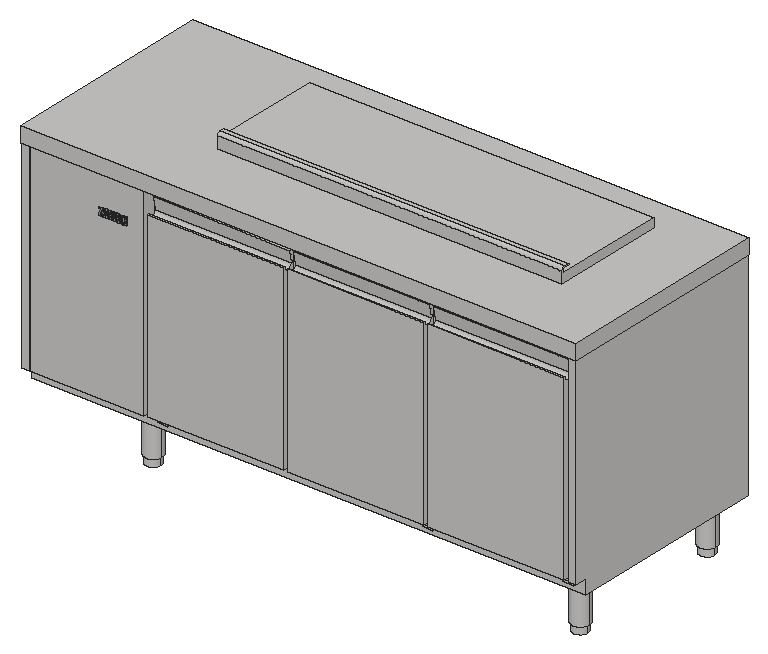
Revit family "QF_ZANUSSI_111051_ZH3HSAAA", category Specialty Equipment, Revit 2018 (continued)
Definition of nested family "ZAN_Cooling Unit"
  Lines and regions (mm)
    Split face 130
      outline origin (110.032, 2, -113.091) x (0, 0, 1) y (-1, 0, 0)
        loop
          arc (502.647, 116.535) -> (506.648, 112.533) -> (510.649, 116.535) r 4.001
          line (510.649, 116.535) -> (510.649, 158.547)
    Split face 131
      outline origin (110.032, 2, -125.094) x (0, 0, 1) y (-1, 0, 0)
        loop
          arc (510.649, 158.547) -> (506.648, 162.548) -> (502.647, 158.547) r 4.001
          line (502.647, 158.547) -> (502.647, 116.535)
          arc (502.647, 116.535) -> (506.648, 112.533) -> (510.649, 116.535) r 4.001
          line (510.649, 116.535) -> (510.649, 158.547)
    Split face 132
      outline origin (110.032, 2, -137.098) x (0, 0, 1) y (-1, 0, 0)
        loop
          arc (510.649, 158.547) -> (506.648, 162.548) -> (502.647, 158.547) r 4.001
          line (502.647, 158.547) -> (502.647, 116.535)
          arc (502.647, 116.535) -> (506.648, 112.533) -> (510.649, 116.535) r 4.001
          line (510.649, 116.535) -> (510.649, 158.547)
    Split face 133
      outline origin (110.032, 2, -149.101) x (0, 0, 1) y (-1, 0, 0)
        loop
          arc (510.649, 158.547) -> (506.648, 162.548) -> (502.647, 158.547) r 4.001
          line (502.647, 158.547) -> (502.647, 116.535)
          arc (502.647, 116.535) -> (506.648, 112.533) -> (510.649, 116.535) r 4.001
          line (510.649, 116.535) -> (510.649, 158.547)
    Split face 134
      outline origin (110.032, 2, -161.105) x (0, 0, 1) y (-1, 0, 0)
        loop
          arc (510.649, 158.547) -> (506.648, 162.548) -> (502.647, 158.547) r 4.001
          line (502.647, 158.547) -> (502.647, 116.535)
          arc (502.647, 116.535) -> (506.648, 112.533) -> (510.649, 116.535) r 4.001
          line (510.649, 116.535) -> (510.649, 158.547)
    Split face 135
      outline origin (110.032, 2, -173.108) x (0, 0, 1) y (-1, 0, 0)
        loop
          arc (510.649, 158.547) -> (506.648, 162.548) -> (502.647, 158.547) r 4.001
          line (502.647, 158.547) -> (502.647, 116.535)
          arc (502.647, 116.535) -> (506.648, 112.533) -> (510.649, 116.535) r 4.001
          line (510.649, 116.535) -> (510.649, 158.547)
    Split face 136
      outline origin (110.032, 2, -185.112) x (0, 0, 1) y (-1, 0, 0)
        loop
          arc (510.649, 158.547) -> (506.648, 162.548) -> (502.647, 158.547) r 4.001
          line (502.647, 158.547) -> (502.647, 116.535)
          arc (502.647, 116.535) -> (506.648, 112.533) -> (510.649, 116.535) r 4.001
          line (510.649, 116.535) -> (510.649, 158.547)
    Split face 137
      outline origin (110.032, 2, -197.115) x (0, 0, 1) y (-1, 0, 0)
        loop
          arc (510.649, 158.547) -> (506.648, 162.548) -> (502.647, 158.547) r 4.001
          line (502.647, 158.547) -> (502.647, 116.535)
          arc (502.647, 116.535) -> (506.648, 112.533) -> (510.649, 116.535) r 4.001
          line (510.649, 116.535) -> (510.649, 158.547)
    Split face 138
      outline origin (110.032, 2, -209.119) x (0, 0, 1) y (-1, 0, 0)
        loop
          arc (510.649, 158.547) -> (506.648, 162.548) -> (502.647, 158.547) r 4.001
          line (502.647, 158.547) -> (502.647, 116.535)
          arc (502.647, 116.535) -> (506.648, 112.533) -> (510.649, 116.535) r 4.001
          line (510.649, 116.535) -> (510.649, 158.547)
    Split face 139
      outline origin (110.032, 2, -221.122) x (0, 0, 1) y (-1, 0, 0)
        loop
          arc (510.649, 158.547) -> (506.648, 162.548) -> (502.647, 158.547) r 4.001
          line (502.647, 158.547) -> (502.647, 116.535)
          arc (502.647, 116.535) -> (506.648, 112.533) -> (510.649, 116.535) r 4.001
          line (510.649, 116.535) -> (510.649, 158.547)
    Split face 140
      outline origin (110.032, 2, -233.126) x (0, 0, 1) y (-1, 0, 0)
        loop
          arc (510.649, 158.547) -> (506.648, 162.548) -> (502.647, 158.547) r 4.001
          line (502.647, 158.547) -> (502.647, 116.535)
          arc (502.647, 116.535) -> (506.648, 112.533) -> (510.649, 116.535) r 4.001
          line (510.649, 116.535) -> (510.649, 158.547)
    Split face 141
      outline origin (110.032, 2, -245.129) x (0, 0, 1) y (-1, 0, 0)
        loop
          arc (510.649, 158.547) -> (506.648, 162.548) -> (502.647, 158.547) r 4.001
          line (502.647, 158.547) -> (502.647, 116.535)
          arc (502.647, 116.535) -> (506.648, 112.533) -> (510.649, 116.535) r 4.001
          line (510.649, 116.535) -> (510.649, 158.547)
    Split face 142
      outline origin (110.032, 2, -257.133) x (0, 0, 1) y (-1, 0, 0)
        loop
          arc (510.649, 158.547) -> (506.648, 162.548) -> (502.647, 158.547) r 4.001
          line (502.647, 158.547) -> (502.647, 116.535)
          arc (502.647, 116.535) -> (506.648, 112.533) -> (510.649, 116.535) r 4.001
          line (510.649, 116.535) -> (510.649, 158.547)
    Split face 143
      outline origin (110.032, 2, -269.136) x (0, 0, 1) y (-1, 0, 0)
        loop
          arc (510.649, 158.547) -> (506.648, 162.548) -> (502.647, 158.547) r 4.001
          line (502.647, 158.547) -> (502.647, 116.535)
          arc (502.647, 116.535) -> (506.648, 112.533) -> (510.649, 116.535) r 4.001
          line (510.649, 116.535) -> (510.649, 158.547)
    Split face 144
      outline origin (110.032, 2, -281.14) x (0, 0, 1) y (-1, 0, 0)
        loop
          arc (510.649, 158.547) -> (506.648, 162.548) -> (502.647, 158.547) r 4.001
          line (502.647, 158.547) -> (502.647, 116.535)
          arc (502.647, 116.535) -> (506.648, 112.533) -> (510.649, 116.535) r 4.001
          line (510.649, 116.535) -> (510.649, 158.547)
    Split face 145
      outline origin (110.032, 2, -293.144) x (0, 0, 1) y (-1, 0, 0)
        loop
          arc (510.649, 158.547) -> (506.648, 162.548) -> (502.647, 158.547) r 4.001
          line (502.647, 158.547) -> (502.647, 116.535)
          arc (502.647, 116.535) -> (506.648, 112.533) -> (510.649, 116.535) r 4.001
          line (510.649, 116.535) -> (510.649, 158.547)
    Split face 146
      outline origin (165.048, 2, -113.091) x (0, 0, 1) y (-1, 0, 0)
        loop
          arc (510.649, 158.547) -> (506.648, 162.548) -> (502.647, 158.547) r 4.001
          line (502.647, 158.547) -> (502.647, 116.535)
          arc (502.647, 116.535) -> (506.648, 112.533) -> (510.649, 116.535) r 4.001
          line (510.649, 116.535) -> (510.649, 158.547)
    Split face 147
      outline origin (165.048, 2, -125.094) x (0, 0, 1) y (-1, 0, 0)
        loop
          arc (510.649, 158.547) -> (506.648, 162.548) -> (502.647, 158.547) r 4.001
          line (502.647, 158.547) -> (502.647, 116.535)
          arc (502.647, 116.535) -> (506.648, 112.533) -> (510.649, 116.535) r 4.001
          line (510.649, 116.535) -> (510.649, 158.547)
    Split face 148
      outline origin (165.048, 2, -137.098) x (0, 0, 1) y (-1, 0, 0)
        loop
          arc (510.649, 158.547) -> (506.648, 162.548) -> (502.647, 158.547) r 4.001
          line (502.647, 158.547) -> (502.647, 116.535)
          arc (502.647, 116.535) -> (506.648, 112.533) -> (510.649, 116.535) r 4.001
          line (510.649, 116.535) -> (510.649, 158.547)
    Split face 149
      outline origin (165.048, 2, -149.101) x (0, 0, 1) y (-1, 0, 0)
        loop
          arc (510.649, 158.547) -> (506.648, 162.548) -> (502.647, 158.547) r 4.001
          line (502.647, 158.547) -> (502.647, 116.535)
          arc (502.647, 116.535) -> (506.648, 112.533) -> (510.649, 116.535) r 4.001
          line (510.649, 116.535) -> (510.649, 158.547)
    Split face 150
      outline origin (165.048, 2, -161.105) x (0, 0, 1) y (-1, 0, 0)
        loop
          arc (510.649, 158.547) -> (506.648, 162.548) -> (502.647, 158.547) r 4.001
          line (502.647, 158.547) -> (502.647, 116.535)
          arc (502.647, 116.535) -> (506.648, 112.533) -> (510.649, 116.535) r 4.001
          line (510.649, 116.535) -> (510.649, 158.547)
    Split face 151
      outline origin (165.048, 2, -173.108) x (0, 0, 1) y (-1, 0, 0)
        loop
          arc (510.649, 158.547) -> (506.648, 162.548) -> (502.647, 158.547) r 4.001
          line (502.647, 158.547) -> (502.647, 116.535)
          arc (502.647, 116.535) -> (506.648, 112.533) -> (510.649, 116.535) r 4.001
          line (510.649, 116.535) -> (510.649, 158.547)
    Split face 152
      outline origin (165.048, 2, -185.112) x (0, 0, 1) y (-1, 0, 0)
        loop
          arc (510.649, 158.547) -> (506.648, 162.548) -> (502.647, 158.547) r 4.001
          line (502.647, 158.547) -> (502.647, 116.535)
          arc (502.647, 116.535) -> (506.648, 112.533) -> (510.649, 116.535) r 4.001
          line (510.649, 116.535) -> (510.649, 158.547)
    Split face 153
      outline origin (165.048, 2, -197.115) x (0, 0, 1) y (-1, 0, 0)
        loop
          arc (510.649, 158.547) -> (506.648, 162.548) -> (502.647, 158.547) r 4.001
          line (502.647, 158.547) -> (502.647, 116.535)
          arc (502.647, 116.535) -> (506.648, 112.533) -> (510.649, 116.535) r 4.001
          line (510.649, 116.535) -> (510.649, 158.547)
    Split face 154
      outline origin (165.048, 2, -209.119) x (0, 0, 1) y (-1, 0, 0)
        loop
          arc (510.649, 158.547) -> (506.648, 162.548) -> (502.647, 158.547) r 4.001
          line (502.647, 158.547) -> (502.647, 116.535)
          arc (502.647, 116.535) -> (506.648, 112.533) -> (510.649, 116.535) r 4.001
          line (510.649, 116.535) -> (510.649, 158.547)
    Split face 155
      outline origin (165.048, 2, -221.122) x (0, 0, 1) y (-1, 0, 0)
        loop
          arc (510.649, 158.547) -> (506.648, 162.548) -> (502.647, 158.547) r 4.001
          line (502.647, 158.547) -> (502.647, 116.535)
          arc (502.647, 116.535) -> (506.648, 112.533) -> (510.649, 116.535) r 4.001
          line (510.649, 116.535) -> (510.649, 158.547)
    Split face 156
      outline origin (165.048, 2, -233.126) x (0, 0, 1) y (-1, 0, 0)
        loop
          arc (510.649, 158.547) -> (506.648, 162.548) -> (502.647, 158.547) r 4.001
          line (502.647, 158.547) -> (502.647, 116.535)
          arc (502.647, 116.535) -> (506.648, 112.533) -> (510.649, 116.535) r 4.001
          line (510.649, 116.535) -> (510.649, 158.547)
    Split face 157
      outline origin (165.048, 2, -245.129) x (0, 0, 1) y (-1, 0, 0)
        loop
          arc (510.649, 158.547) -> (506.648, 162.548) -> (502.647, 158.547) r 4.001
          line (502.647, 158.547) -> (502.647, 116.535)
          arc (502.647, 116.535) -> (506.648, 112.533) -> (510.649, 116.535) r 4.001
          line (510.649, 116.535) -> (510.649, 158.547)
    Split face 158
      outline origin (165.048, 2, -257.133) x (0, 0, 1) y (-1, 0, 0)
        loop
          arc (510.649, 158.547) -> (506.648, 162.548) -> (502.647, 158.547) r 4.001
          line (502.647, 158.547) -> (502.647, 116.535)
          arc (502.647, 116.535) -> (506.648, 112.533) -> (510.649, 116.535) r 4.001
          line (510.649, 116.535) -> (510.649, 158.547)
    Split face 159
      outline origin (165.048, 2, -269.136) x (0, 0, 1) y (-1, 0, 0)
        loop
          arc (510.649, 158.547) -> (506.648, 162.548) -> (502.647, 158.547) r 4.001
          line (502.647, 158.547) -> (502.647, 116.535)
          arc (502.647, 116.535) -> (506.648, 112.533) -> (510.649, 116.535) r 4.001
          line (510.649, 116.535) -> (510.649, 158.547)
    Split face 160
      outline origin (165.048, 2, -281.14) x (0, 0, 1) y (-1, 0, 0)
        loop
          arc (510.649, 158.547) -> (506.648, 162.548) -> (502.647, 158.547) r 4.001
          line (502.647, 158.547) -> (502.647, 116.535)
          arc (502.647, 116.535) -> (506.648, 112.533) -> (510.649, 116.535) r 4.001
          line (510.649, 116.535) -> (510.649, 158.547)
    Split face 161
      outline origin (165.048, 2, -293.144) x (0, 0, 1) y (-1, 0, 0)
        loop
          arc (510.649, 158.547) -> (506.648, 162.548) -> (502.647, 158.547) r 4.001
          line (502.647, 158.547) -> (502.647, 116.535)
          arc (502.647, 116.535) -> (506.648, 112.533) -> (510.649, 116.535) r 4.001
          line (510.649, 116.535) -> (510.649, 158.547)
    Split face 162
      outline origin (220.064, 2, -113.091) x (0, 0, 1) y (-1, 0, 0)
        loop
          arc (510.649, 158.547) -> (506.648, 162.548) -> (502.647, 158.547) r 4.001
          line (502.647, 158.547) -> (502.647, 116.535)
          arc (502.647, 116.535) -> (506.648, 112.533) -> (510.649, 116.535) r 4.001
          line (510.649, 116.535) -> (510.649, 158.547)
    Split face 163
      outline origin (220.064, 2, -125.094) x (0, 0, 1) y (-1, 0, 0)
        loop
          arc (510.649, 158.547) -> (506.648, 162.548) -> (502.647, 158.547) r 4.001
          line (502.647, 158.547) -> (502.647, 116.535)
          arc (502.647, 116.535) -> (506.648, 112.533) -> (510.649, 116.535) r 4.001
          line (510.649, 116.535) -> (510.649, 158.547)
    Split face 164
      outline origin (220.064, 2, -137.098) x (0, 0, 1) y (-1, 0, 0)
        loop
          arc (510.649, 158.547) -> (506.648, 162.548) -> (502.647, 158.547) r 4.001
          line (502.647, 158.547) -> (502.647, 116.535)
          arc (502.647, 116.535) -> (506.648, 112.533) -> (510.649, 116.535) r 4.001
          line (510.649, 116.535) -> (510.649, 158.547)
    Split face 165
      outline origin (220.064, 2, -149.101) x (0, 0, 1) y (-1, 0, 0)
        loop
          arc (510.649, 158.547) -> (506.648, 162.548) -> (502.647, 158.547) r 4.001
          line (502.647, 158.547) -> (502.647, 116.535)
          arc (502.647, 116.535) -> (506.648, 112.533) -> (510.649, 116.535) r 4.001
          line (510.649, 116.535) -> (510.649, 158.547)
    Split face 166
      outline origin (220.064, 2, -161.105) x (0, 0, 1) y (-1, 0, 0)
        loop
          arc (510.649, 158.547) -> (506.648, 162.548) -> (502.647, 158.547) r 4.001
          line (502.647, 158.547) -> (502.647, 116.535)
          arc (502.647, 116.535) -> (506.648, 112.533) -> (510.649, 116.535) r 4.001
          line (510.649, 116.535) -> (510.649, 158.547)
    Split face 167
      outline origin (220.064, 2, -173.108) x (0, 0, 1) y (-1, 0, 0)
        loop
          arc (510.649, 158.547) -> (506.648, 162.548) -> (502.647, 158.547) r 4.001
          line (502.647, 158.547) -> (502.647, 116.535)
          arc (502.647, 116.535) -> (506.648, 112.533) -> (510.649, 116.535) r 4.001
          line (510.649, 116.535) -> (510.649, 158.547)
    Split face 168
      outline origin (220.064, 2, -185.112) x (0, 0, 1) y (-1, 0, 0)
        loop
          arc (510.649, 158.547) -> (506.648, 162.548) -> (502.647, 158.547) r 4.001
          line (502.647, 158.547) -> (502.647, 116.535)
          arc (502.647, 116.535) -> (506.648, 112.533) -> (510.649, 116.535) r 4.001
          line (510.649, 116.535) -> (510.649, 158.547)
    Split face 169
      outline origin (220.064, 2, -197.115) x (0, 0, 1) y (-1, 0, 0)
        loop
          arc (510.649, 158.547) -> (506.648, 162.548) -> (502.647, 158.547) r 4.001
          line (502.647, 158.547) -> (502.647, 116.535)
          arc (502.647, 116.535) -> (506.648, 112.533) -> (510.649, 116.535) r 4.001
          line (510.649, 116.535) -> (510.649, 158.547)
    Split face 170
      outline origin (220.064, 2, -209.119) x (0, 0, 1) y (-1, 0, 0)
        loop
          arc (510.649, 158.547) -> (506.648, 162.548) -> (502.647, 158.547) r 4.001
          line (502.647, 158.547) -> (502.647, 116.535)
          arc (502.647, 116.535) -> (506.648, 112.533) -> (510.649, 116.535) r 4.001
          line (510.649, 116.535) -> (510.649, 158.547)
    Split face 171
      outline origin (220.064, 2, -221.122) x (0, 0, 1) y (-1, 0, 0)
        loop
          arc (510.649, 158.547) -> (506.648, 162.548) -> (502.647, 158.547) r 4.001
          line (502.647, 158.547) -> (502.647, 116.535)
          arc (502.647, 116.535) -> (506.648, 112.533) -> (510.649, 116.535) r 4.001
          line (510.649, 116.535) -> (510.649, 158.547)
    Split face 172
      outline origin (220.064, 2, -233.126) x (0, 0, 1) y (-1, 0, 0)
        loop
          arc (510.649, 158.547) -> (506.648, 162.548) -> (502.647, 158.547) r 4.001
          line (502.647, 158.547) -> (502.647, 116.535)
          arc (502.647, 116.535) -> (506.648, 112.533) -> (510.649, 116.535) r 4.001
          line (510.649, 116.535) -> (510.649, 158.547)
    Split face 173
      outline origin (220.064, 2, -245.129) x (0, 0, 1) y (-1, 0, 0)
        loop
          arc (510.649, 158.547) -> (506.648, 162.548) -> (502.647, 158.547) r 4.001
          line (502.647, 158.547) -> (502.647, 116.535)
          arc (502.647, 116.535) -> (506.648, 112.533) -> (510.649, 116.535) r 4.001
          line (510.649, 116.535) -> (510.649, 158.547)
    Split face 174
      outline origin (220.064, 2, -257.133) x (0, 0, 1) y (-1, 0, 0)
        loop
          arc (510.649, 158.547) -> (506.648, 162.548) -> (502.647, 158.547) r 4.001
          line (502.647, 158.547) -> (502.647, 116.535)
          arc (502.647, 116.535) -> (506.648, 112.533) -> (510.649, 116.535) r 4.001
          line (510.649, 116.535) -> (510.649, 158.547)
    Split face 175
      outline origin (220.064, 2, -269.136) x (0, 0, 1) y (-1, 0, 0)
        loop
          arc (510.649, 158.547) -> (506.648, 162.548) -> (502.647, 158.547) r 4.001
          line (502.647, 158.547) -> (502.647, 116.535)
          arc (502.647, 116.535) -> (506.648, 112.533) -> (510.649, 116.535) r 4.001
          line (510.649, 116.535) -> (510.649, 158.547)
    Split face 176
      outline origin (220.064, 2, -281.14) x (0, 0, 1) y (-1, 0, 0)
        loop
          arc (510.649, 158.547) -> (506.648, 162.548) -> (502.647, 158.547) r 4.001
          line (502.647, 158.547) -> (502.647, 116.535)
          arc (502.647, 116.535) -> (506.648, 112.533) -> (510.649, 116.535) r 4.001
          line (510.649, 116.535) -> (510.649, 158.547)
    Split face 177
      outline origin (220.064, 2, -293.144) x (0, 0, 1) y (-1, 0, 0)
        loop
          arc (510.649, 158.547) -> (506.648, 162.548) -> (502.647, 158.547) r 4.001
          line (502.647, 158.547) -> (502.647, 116.535)
          arc (502.647, 116.535) -> (506.648, 112.533) -> (510.649, 116.535) r 4.001
          line (510.649, 116.535) -> (510.649, 158.547)
    Split face 178
      outline origin (275.081, 2, -113.091) x (0, 0, 1) y (-1, 0, 0)
        loop
          arc (510.649, 158.547) -> (506.648, 162.548) -> (502.647, 158.547) r 4.001
          line (502.647, 158.547) -> (502.647, 116.535)
          arc (502.647, 116.535) -> (506.648, 112.533) -> (510.649, 116.535) r 4.001
          line (510.649, 116.535) -> (510.649, 158.547)
    Split face 179
      outline origin (275.081, 2, -125.094) x (0, 0, 1) y (-1, 0, 0)
        loop
          arc (510.649, 158.547) -> (506.648, 162.548) -> (502.647, 158.547) r 4.001
          line (502.647, 158.547) -> (502.647, 116.535)
          arc (502.647, 116.535) -> (506.648, 112.533) -> (510.649, 116.535) r 4.001
          line (510.649, 116.535) -> (510.649, 158.547)
    Split face 180
      outline origin (275.081, 2, -137.098) x (0, 0, 1) y (-1, 0, 0)
        loop
          arc (510.649, 158.547) -> (506.648, 162.548) -> (502.647, 158.547) r 4.001
          line (502.647, 158.547) -> (502.647, 116.535)
          arc (502.647, 116.535) -> (506.648, 112.533) -> (510.649, 116.535) r 4.001
          line (510.649, 116.535) -> (510.649, 158.547)
    Split face 181
      outline origin (275.081, 2, -149.101) x (0, 0, 1) y (-1, 0, 0)
        loop
          arc (510.649, 158.547) -> (506.648, 162.548) -> (502.647, 158.547) r 4.001
          line (502.647, 158.547) -> (502.647, 116.535)
          arc (502.647, 116.535) -> (506.648, 112.533) -> (510.649, 116.535) r 4.001
          line (510.649, 116.535) -> (510.649, 158.547)
    Split face 182
      outline origin (275.081, 2, -161.105) x (0, 0, 1) y (-1, 0, 0)
        loop
          arc (510.649, 158.547) -> (506.648, 162.548) -> (502.647, 158.547) r 4.001
          line (502.647, 158.547) -> (502.647, 116.535)
          arc (502.647, 116.535) -> (506.648, 112.533) -> (510.649, 116.535) r 4.001
          line (510.649, 116.535) -> (510.649, 158.547)
    Split face 183
      outline origin (275.081, 2, -173.108) x (0, 0, 1) y (-1, 0, 0)
        loop
          arc (510.649, 158.547) -> (506.648, 162.548) -> (502.647, 158.547) r 4.001
          line (502.647, 158.547) -> (502.647, 116.535)
          arc (502.647, 116.535) -> (506.648, 112.533) -> (510.649, 116.535) r 4.001
          line (510.649, 116.535) -> (510.649, 158.547)
    Split face 184
      outline origin (275.081, 2, -185.112) x (0, 0, 1) y (-1, 0, 0)
        loop
          arc (510.649, 158.547) -> (506.648, 162.548) -> (502.647, 158.547) r 4.001
          line (502.647, 158.547) -> (502.647, 116.535)
          arc (502.647, 116.535) -> (506.648, 112.533) -> (510.649, 116.535) r 4.001
          line (510.649, 116.535) -> (510.649, 158.547)
    Split face 185
      outline origin (275.081, 2, -197.115) x (0, 0, 1) y (-1, 0, 0)
        loop
          arc (510.649, 158.547) -> (506.648, 162.548) -> (502.647, 158.547) r 4.001
          line (502.647, 158.547) -> (502.647, 116.535)
          arc (502.647, 116.535) -> (506.648, 112.533) -> (510.649, 116.535) r 4.001
          line (510.649, 116.535) -> (510.649, 158.547)
    Split face 186
      outline origin (275.081, 2, -209.119) x (0, 0, 1) y (-1, 0, 0)
        loop
          arc (510.649, 158.547) -> (506.648, 162.548) -> (502.647, 158.547) r 4.001
          line (502.647, 158.547) -> (502.647, 116.535)
          arc (502.647, 116.535) -> (506.648, 112.533) -> (510.649, 116.535) r 4.001
          line (510.649, 116.535) -> (510.649, 158.547)
    Split face 187
      outline origin (275.081, 2, -221.122) x (0, 0, 1) y (-1, 0, 0)
        loop
          arc (510.649, 158.547) -> (506.648, 162.548) -> (502.647, 158.547) r 4.001
          line (502.647, 158.547) -> (502.647, 116.535)
          arc (502.647, 116.535) -> (506.648, 112.533) -> (510.649, 116.535) r 4.001
          line (510.649, 116.535) -> (510.649, 158.547)
    Split face 188
      outline origin (275.081, 2, -233.126) x (0, 0, 1) y (-1, 0, 0)
        loop
          arc (510.649, 158.547) -> (506.648, 162.548) -> (502.647, 158.547) r 4.001
          line (502.647, 158.547) -> (502.647, 116.535)
          arc (502.647, 116.535) -> (506.648, 112.533) -> (510.649, 116.535) r 4.001
          line (510.649, 116.535) -> (510.649, 158.547)
    Split face 189
      outline origin (275.081, 2, -245.129) x (0, 0, 1) y (-1, 0, 0)
        loop
          arc (510.649, 158.547) -> (506.648, 162.548) -> (502.647, 158.547) r 4.001
          line (502.647, 158.547) -> (502.647, 116.535)
          arc (502.647, 116.535) -> (506.648, 112.533) -> (510.649, 116.535) r 4.001
          line (510.649, 116.535) -> (510.649, 158.547)
    Split face 190
      outline origin (275.081, 2, -257.133) x (0, 0, 1) y (-1, 0, 0)
        loop
          arc (510.649, 158.547) -> (506.648, 162.548) -> (502.647, 158.547) r 4.001
          line (502.647, 158.547) -> (502.647, 116.535)
          arc (502.647, 116.535) -> (506.648, 112.533) -> (510.649, 116.535) r 4.001
          line (510.649, 116.535) -> (510.649, 158.547)
    Split face 191
      outline origin (275.081, 2, -269.136) x (0, 0, 1) y (-1, 0, 0)
        loop
          arc (510.649, 158.547) -> (506.648, 162.548) -> (502.647, 158.547) r 4.001
          line (502.647, 158.547) -> (502.647, 116.535)
          arc (502.647, 116.535) -> (506.648, 112.533) -> (510.649, 116.535) r 4.001
          line (510.649, 116.535) -> (510.649, 158.547)
    Split face 192
      outline origin (275.081, 2, -281.14) x (0, 0, 1) y (-1, 0, 0)
        loop
          arc (510.649, 158.547) -> (506.648, 162.548) -> (502.647, 158.547) r 4.001
          line (502.647, 158.547) -> (502.647, 116.535)
          arc (502.647, 116.535) -> (506.648, 112.533) -> (510.649, 116.535) r 4.001
          line (510.649, 116.535) -> (510.649, 158.547)
    Split face 193
      outline origin (275.081, 2, -293.144) x (0, 0, 1) y (-1, 0, 0)
        loop
          arc (510.649, 158.547) -> (506.648, 162.548) -> (502.647, 158.547) r 4.001
          line (502.647, 158.547) -> (502.647, 116.535)
          arc (502.647, 116.535) -> (506.648, 112.533) -> (510.649, 116.535) r 4.001
          line (510.649, 116.535) -> (510.649, 158.547)
    Split face 194
      outline origin (0, 2, 197) x (0, 0, 1) y (-1, 0, 0)
        loop
          spline (566.835, 20.381) -> (564.628, 19.058) -> (561.987, 18.027) -> (558.955, 17.386) -> (555.581, 17.244) -> (551.912, 17.703) -> (547.993, 18.863) -> (543.871, 20.83) -> (539.591, 23.706) -> (535.202, 27.594) -> (530.748, 32.597) -> (526.28, 38.824) -> (521.835, 46.362)
        loop
          spline (521.835, 58.392) -> (525.386, 49.242) -> (529.197, 41.481) -> (533.2, 35.023) -> (537.329, 29.786) -> (541.516, 25.684) -> (545.695, 22.634) -> (549.798, 20.552) -> (553.759, 19.355) -> (557.511, 18.958) -> (560.984, 19.275) -> (564.115, 20.227) -> (566.835, 21.726)
    Split face 195
      outline origin (0, 2, 197) x (0, 0, 1) y (-1, 0, 0)
        loop
          line (555.835, 149.5) -> (532.835, 149.5) -> (532.835, 94.5) -> (555.835, 94.5) -> (555.835, 149.5)
  Dimensions and locks
    aligned and locked: level to plane 2
  Nested families
    nested 1: "ZAN_Logo_S_Grey" at (85, 2, 741.213) x (1, 0, 0) z (0, -1, 0), visible <- "Show Logo", type "ZAN_Logo_S_Grey"
  Definition of nested family "ZAN_Logo_S_Grey"
    Parameters
      Default Elevation = 0 mm
    Reference planes
      plane 1 "Centro (Fronte/Retro)": y = 0
      plane 2: z = 0
      plane 3 "Centro (Sinistra/Destra)": x = 0
    Forms (mm)
      Extrusion 1, solid
        sketch origin (0, 0, 0) x (1, 0, 0) y (0, 1, 0)
          loop
            line (-1219.2, 1219.2) -> (-1219.2, -1219.2) -> (1219.2, -1219.2) -> (1219.2, 1219.2) -> (-1219.2, 1219.2)
        from 0 to -304.8
      Extrusion 2, solid
        sketch origin (17.793, -46.218, 0) x (-1, 0, 0) y (0, -1, 0)
          loop
            spline (-4.176, -58.079) -> (-3.496, -58.328) -> (-2.793, -58.512) -> (-2.075, -58.63) -> (-1.348, -58.682) -> (-0.619, -58.669) -> (0.106, -58.588) -> (0.818, -58.44) -> (1.512, -58.225) -> (2.18, -57.941) -> (2.817, -57.589) -> (3.414, -57.167) -> (3.966, -56.676)
            spline (3.966, -56.676) -> (4.293, -56.162) -> (4.575, -55.61) -> (4.81, -55.026) -> (5, -54.419) -> (5.146, -53.797) -> (5.247, -53.166) -> (5.304, -52.536) -> (5.318, -51.913) -> (5.288, -51.306) -> (5.217, -50.723) -> (5.103, -50.17) -> (4.949, -49.657)
            line (4.949, -49.657) -> (2.702, -46.428) -> (0.316, -44.323)
            spline (0.316, -44.323) -> (0.065, -44.115) -> (-0.195, -43.909) -> (-0.46, -43.704) -> (-0.729, -43.496) -> (-0.997, -43.282) -> (-1.263, -43.059) -> (-1.523, -42.825) -> (-1.774, -42.576) -> (-2.013, -42.309) -> (-2.238, -42.022) -> (-2.445, -41.712) -> (-2.632, -41.375)
            spline (-2.632, -41.375) -> (-2.666, -41.159) -> (-2.697, -40.934) -> (-2.722, -40.701) -> (-2.736, -40.465) -> (-2.736, -40.227) -> (-2.72, -39.989) -> (-2.682, -39.754) -> (-2.621, -39.524) -> (-2.533, -39.302) -> (-2.414, -39.091) -> (-2.261, -38.892) -> (-2.07, -38.708)
            line (-2.07, -38.708) -> (-0.245, -38.567)
            spline (-0.245, -38.567) -> (0.096, -38.8) -> (0.354, -39.074) -> (0.54, -39.381) -> (0.664, -39.716) -> (0.738, -40.073) -> (0.772, -40.445) -> (0.777, -40.825) -> (0.763, -41.208) -> (0.742, -41.588) -> (0.723, -41.957) -> (0.718, -42.309) -> (0.737, -42.638)
            line (0.737, -42.638) -> (5.65, -42.638)
            spline (5.65, -42.638) -> (5.708, -42.042) -> (5.741, -41.448) -> (5.747, -40.857) -> (5.723, -40.273) -> (5.668, -39.696) -> (5.58, -39.129) -> (5.457, -38.574) -> (5.297, -38.032) -> (5.098, -37.506) -> (4.857, -36.997) -> (4.574, -36.508) -> (4.247, -36.041)
            spline (4.247, -36.041) -> (3.844, -35.675) -> (3.409, -35.35) -> (2.946, -35.065) -> (2.458, -34.819) -> (1.949, -34.612) -> (1.421, -34.444) -> (0.88, -34.314) -> (0.326, -34.221) -> (-0.234, -34.165) -> (-0.8, -34.146) -> (-1.366, -34.163) -> (-1.93, -34.216)
            spline (-1.93, -34.216) -> (-2.526, -34.309) -> (-3.116, -34.448) -> (-3.695, -34.633) -> (-4.259, -34.861) -> (-4.801, -35.131) -> (-5.316, -35.444) -> (-5.799, -35.798) -> (-6.245, -36.191) -> (-6.648, -36.624) -> (-7.002, -37.095) -> (-7.303, -37.603) -> (-7.545, -38.146)
            spline (-7.545, -38.146) -> (-7.694, -38.815) -> (-7.792, -39.487) -> (-7.839, -40.158) -> (-7.836, -40.824) -> (-7.785, -41.482) -> (-7.685, -42.129) -> (-7.539, -42.762) -> (-7.347, -43.377) -> (-7.111, -43.97) -> (-6.83, -44.538) -> (-6.506, -45.078) -> (-6.141, -45.586)
            line (-6.141, -45.586) -> (-0.526, -50.64) -> (0.176, -51.482)
            spline (0.176, -51.482) -> (0.248, -51.66) -> (0.323, -51.843) -> (0.397, -52.03) -> (0.467, -52.22) -> (0.529, -52.412) -> (0.579, -52.605) -> (0.615, -52.798) -> (0.633, -52.989) -> (0.63, -53.179) -> (0.601, -53.366) -> (0.545, -53.55) -> (0.456, -53.728)
            spline (0.456, -53.728) -> (0.375, -53.892) -> (0.273, -54.034) -> (0.154, -54.155) -> (0.02, -54.258) -> (-0.126, -54.343) -> (-0.28, -54.412) -> (-0.441, -54.466) -> (-0.604, -54.508) -> (-0.767, -54.537) -> (-0.928, -54.556) -> (-1.082, -54.567) -> (-1.228, -54.57)
            line (-1.228, -54.57) -> (-2.632, -53.587) -> (-2.772, -50.64) -> (-7.405, -50.64)
            spline (-7.405, -50.64) -> (-7.41, -51.031) -> (-7.423, -51.432) -> (-7.44, -51.839) -> (-7.456, -52.251) -> (-7.469, -52.665) -> (-7.475, -53.079) -> (-7.468, -53.489) -> (-7.446, -53.894) -> (-7.404, -54.291) -> (-7.339, -54.679) -> (-7.247, -55.053) -> (-7.123, -55.412)
            spline (-7.123, -55.412) -> (-6.999, -55.693) -> (-6.837, -55.97) -> (-6.643, -56.244) -> (-6.422, -56.509) -> (-6.177, -56.765) -> (-5.913, -57.009) -> (-5.634, -57.238) -> (-5.346, -57.45) -> (-5.051, -57.643) -> (-4.755, -57.814) -> (-4.462, -57.96) -> (-4.176, -58.079)
          loop
            spline (-21.021, -55.552) -> (-20.633, -56.181) -> (-20.177, -56.736) -> (-19.661, -57.217) -> (-19.092, -57.627) -> (-18.478, -57.966) -> (-17.827, -58.237) -> (-17.147, -58.441) -> (-16.446, -58.578) -> (-15.73, -58.652) -> (-15.009, -58.662) -> (-14.29, -58.611) -> (-13.581, -58.5)
            spline (-13.581, -58.5) -> (-13.088, -58.407) -> (-12.595, -58.269) -> (-12.109, -58.088) -> (-11.636, -57.866) -> (-11.183, -57.605) -> (-10.756, -57.307) -> (-10.361, -56.974) -> (-10.004, -56.608) -> (-9.692, -56.211) -> (-9.431, -55.784) -> (-9.228, -55.33) -> (-9.089, -54.851)
            spline (-9.089, -54.851) -> (-8.873, -54.211) -> (-8.715, -53.559) -> (-8.615, -52.901) -> (-8.574, -52.241) -> (-8.592, -51.585) -> (-8.668, -50.938) -> (-8.802, -50.306) -> (-8.995, -49.693) -> (-9.247, -49.106) -> (-9.557, -48.55) -> (-9.925, -48.03) -> (-10.352, -47.551)
            line (-10.352, -47.551) -> (-15.546, -42.919) -> (-16.669, -41.234)
            spline (-16.669, -41.234) -> (-16.704, -41.021) -> (-16.735, -40.804) -> (-16.761, -40.583) -> (-16.778, -40.361) -> (-16.784, -40.139) -> (-16.774, -39.919) -> (-16.748, -39.701) -> (-16.7, -39.488) -> (-16.63, -39.28) -> (-16.533, -39.08) -> (-16.406, -38.889) -> (-16.248, -38.708)
            line (-16.248, -38.708) -> (-14.844, -38.427)
            spline (-14.844, -38.427) -> (-14.347, -38.545) -> (-13.969, -38.749) -> (-13.695, -39.028) -> (-13.508, -39.368) -> (-13.393, -39.757) -> (-13.335, -40.182) -> (-13.318, -40.63) -> (-13.326, -41.089) -> (-13.344, -41.546) -> (-13.356, -41.988) -> (-13.347, -42.403) -> (-13.3, -42.779)
            line (-13.3, -42.779) -> (-8.387, -42.638)
            spline (-8.387, -42.638) -> (-8.326, -42.034) -> (-8.288, -41.417) -> (-8.277, -40.794) -> (-8.299, -40.169) -> (-8.357, -39.548) -> (-8.457, -38.936) -> (-8.604, -38.339) -> (-8.803, -37.762) -> (-9.058, -37.21) -> (-9.375, -36.689) -> (-9.758, -36.204) -> (-10.212, -35.76)
            spline (-10.212, -35.76) -> (-10.793, -35.336) -> (-11.409, -34.976) -> (-12.054, -34.679) -> (-12.723, -34.445) -> (-13.409, -34.273) -> (-14.107, -34.163) -> (-14.811, -34.115) -> (-15.515, -34.127) -> (-16.213, -34.2) -> (-16.899, -34.333) -> (-17.568, -34.526) -> (-18.213, -34.777)
            spline (-18.213, -34.777) -> (-18.496, -34.897) -> (-18.783, -35.044) -> (-19.071, -35.216) -> (-19.357, -35.412) -> (-19.639, -35.629) -> (-19.915, -35.865) -> (-20.182, -36.119) -> (-20.438, -36.389) -> (-20.681, -36.672) -> (-20.907, -36.967) -> (-21.115, -37.272) -> (-21.301, -37.585)
            spline (-21.301, -37.585) -> (-21.55, -38.26) -> (-21.734, -38.948) -> (-21.854, -39.647) -> (-21.91, -40.351) -> (-21.901, -41.057) -> (-21.828, -41.761) -> (-21.69, -42.459) -> (-21.489, -43.148) -> (-21.222, -43.823) -> (-20.892, -44.48) -> (-20.497, -45.116) -> (-20.038, -45.726)
            line (-20.038, -45.726) -> (-14.142, -51.061) -> (-13.44, -52.886) -> (-14.002, -54.289) -> (-15.265, -54.57) -> (-16.669, -53.587) -> (-16.81, -50.78) -> (-21.582, -50.64)
            spline (-21.582, -50.64) -> (-21.558, -51.063) -> (-21.55, -51.491) -> (-21.554, -51.92) -> (-21.561, -52.35) -> (-21.567, -52.778) -> (-21.565, -53.201) -> (-21.547, -53.619) -> (-21.509, -54.029) -> (-21.444, -54.43) -> (-21.345, -54.818) -> (-21.206, -55.193) -> (-21.021, -55.552)
          loop
            line (-22.424, -34.216) -> (-27.337, -34.216) -> (-27.337, -58.22) -> (-22.424, -58.22) -> (-22.424, -34.216)
          loop
            line (14.213, -39.971) -> (14.213, -58.22) -> (19.126, -58.22) -> (19.126, -42.077) -> (18.845, -38.146) -> (18.424, -37.164) -> (17.442, -35.9) -> (16.459, -35.199) -> (14.494, -34.356) -> (13.511, -34.216) -> (11.265, -34.216) -> (10.142, -34.497) -> (8.458, -35.479) -> (6.493, -38.287) -> (6.352, -39.269) -> (6.352, -58.22) -> (11.265, -58.22) -> (11.265, -40.392) -> (11.827, -39.129) -> (13.371, -38.988) -> (14.213, -39.971)
          loop
            line (20.249, -58.22) -> (24.741, -58.22) -> (24.741, -42.919) -> (28.812, -58.22) -> (34.006, -58.22) -> (34.006, -34.216) -> (29.654, -34.216) -> (29.654, -50.078) -> (25.583, -34.216) -> (20.249, -34.216) -> (20.249, -58.22)
          loop
            line (50.149, -58.22) -> (62.361, -58.22) -> (62.361, -53.728) -> (55.904, -53.868) -> (62.923, -39.129) -> (62.923, -34.216) -> (50.149, -34.216) -> (50.149, -39.129) -> (57.517, -39.129) -> (50.149, -54.149) -> (50.149, -58.22)
          loop
            line (38.778, -58.22) -> (45.516, -58.22) -> (49.868, -34.216) -> (44.814, -34.216) -> (44.113, -38.848) -> (40.042, -38.848) -> (39.34, -34.216) -> (34.286, -34.216) -> (38.778, -58.22)
          loop
            line (43.551, -43.2) -> (40.744, -43.2) -> (42.147, -54.117) -> (43.551, -43.2)
        from 0 to 1.644
    Dimensions and locks
      aligned and locked: plane 2 to Extrusion 1
      aligned and locked: level to Extrusion 1
Definition of nested family "Saladette_3C"
  Parameters
    Show Clearance [instance] = yes
    Manufacturer = ""
    Model = ""
    Description = ""
  Reference planes
    plane 1 "Center X": y = 182.5
    plane 2: z = 0
    plane 3 "Center Y": x = -353.5
    plane 4 "BACK": y = 532.5
    plane 5 "FRONT": y = -167.5
    plane 6: z = 150
    plane 7 "TOP": z = 900
    plane 8: z = 850
    plane 9 "LEFT": x = -1251
    plane 10 "RIGHT": x = 544
    plane 11: x = -1253
    plane 12: x = 546
    plane 13: x = -789
    plane 14: x = 327
    plane 15: y = 423.5
    plane 16: y = 52.5
  Forms (mm)
    Extrusion 1, solid
      sketch origin (-126.5, 0, 0) x (0, 1, 0) y (0, 0, 1)
        loop
          line (52.5, 900) -> (423.5, 900) -> (423.5, 930) -> (54.5, 930) -> (54.5, 937)
          arc (54.5, 937) -> (56.843, 942.657) -> (62.5, 945) r 8
          line (62.5, 945) -> (77.5, 945) -> (77.5, 947) -> (62.5, 947)
          arc (62.5, 947) -> (55.429, 944.071) -> (52.5, 937) r 10
          line (52.5, 937) -> (52.5, 900)
      from 453.5 to -662.5
    Extrusion 2, solid, visible <- "Show Clearance", detail levels coarse
      sketch origin (-126.5, 0, 0) x (0, 1, 0) y (0, 0, 1)
        loop
          line (423.5, 930) -> (485.666, 1282.561)
          arc (485.666, 1282.561) -> (192.695, 1208.071) -> (52.964, 940.011) r 370.137
          arc (52.964, 940.011) -> (56.589, 945.066) -> (62.5, 947) r 10
          line (62.5, 947) -> (77.5, 947) -> (77.5, 945) -> (62.5, 945)
          arc (62.5, 945) -> (56.843, 942.657) -> (54.5, 937) r 8
          line (54.5, 937) -> (54.5, 930) -> (423.5, 930)
      from 453.5 to -662.5
  Lines and regions (mm)
    symbolic lines
      curve 1: line (-789, 423.5, 900) -> (327, 423.5, 900)
      curve 2: line (-789, 52.5, 900) -> (-789, 423.5, 900)
      curve 3: line (327, 52.5, 900) -> (-789, 52.5, 900)
      curve 4: line (327, 423.5, 900) -> (327, 52.5, 900)
      curve 5: line (-789, 77.5, 900) -> (327, 77.5, 900)
  Dimensions and locks
    locked: plane 4 "BACK" to plane 5 "FRONT" at 700
    equal spacing: plane 4 "BACK", plane 1 "Center X", plane 5 "FRONT"
    plane 6 to level = 150 mm
    plane 7 "TOP" to plane 8 to plane 6 = 50 mm locked, 700 mm locked
    equal spacing: plane 9 "LEFT", plane 3 "Center Y", plane 10 "RIGHT"
    plane 11 to plane 12 = 1799 mm
    plane 4 "BACK" to plane 15 to plane 16 to plane 5 "FRONT" = 109 mm, 371 mm, 220 mm
    plane 11 to plane 13 to plane 14 to plane 12 = 464 mm, 1116 mm, 219 mm
    aligned and locked: level to plane 2
  Automatic sketch dimensions
    curve 3 to plane 14 = 0 mm
    curve 5 to plane 13 = 0 mm
    curve 2 to plane 15 = 0 mm
    curve 4 to plane 16 = 0 mm
    plane 16 to curve 5 = 25 mm
    Extrusion 1 sketch curve to Extrusion 1 sketch curve = 0 mm  (x2)
    Extrusion 1 sketch curve to plane 7 "TOP" = 0 mm
    Extrusion 1 sketch curve to plane 16 = 0 mm
    Extrusion 1 sketch curve to plane 15 = 0 mm
    plane 16 to Extrusion 1 sketch curve = 2 mm
    Extrusion 1 sketch curve to Extrusion 1 sketch curve = 8 mm
    Extrusion 1 sketch curve to Extrusion 1 sketch curve = 15 mm
    plane 7 "TOP" to Extrusion 1 sketch curve = 30 mm
    Extrusion 1 sketch curve to Extrusion 1 sketch curve = 7 mm
    Extrusion 2 sketch curve to Extrusion 2 sketch curve = 0 mm  (x2)
    Extrusion 2 sketch curve to plane 15 = 0 mm
    Extrusion 2 sketch curve to plane 15 = 1.062 mm
    plane 16 to Extrusion 2 sketch curve = 25 mm
    plane 16 to Extrusion 2 sketch curve = 10 mm
    plane 16 to Extrusion 2 sketch curve = 2 mm
    Extrusion 2 sketch curve to plane 4 "BACK" = 46.834 mm
    plane 7 "TOP" to Extrusion 2 sketch curve = 17.864 mm
    Extrusion 2 sketch curve to Extrusion 2 sketch curve = 12.136 mm
    Extrusion 2 sketch curve to Extrusion 2 sketch curve = 7 mm
    Extrusion 2 sketch curve to Extrusion 2 sketch curve = 2 mm
    Extrusion 2 sketch curve to Extrusion 2 sketch curve = 352.561 mm
Definition of nested family "Refrigerator"
  Reference planes
    plane 1 "Center (Front/Back)": y = 0
    plane 2: z = 0
    plane 3 "Center (Left/Right)": x = 0
  Lines and regions (mm)
    detail lines, in view "Ref. Level"
      curve 1: spline (-500, 190, 0) -> (-493.185, 166.706, 0) -> (-473.205, 145, 0) -> (-441.421, 126.36, 0) -> (-400, 112.058, 0) -> (-351.764, 103.067, 0) -> (-300, 100, 0) -> (-248.236, 103.067, 0) -> (-200, 112.058, 0) -> (-158.579, 126.36, 0) -> (-126.795, 145, 0) -> (-106.815, 166.706, 0) -> (-100, 190, 0) -> (-106.815, 213.294, 0) -> (-126.795, 235, 0) -> (-158.579, 253.64, 0) -> (-200, 267.942, 0) -> (-248.236, 276.933, 0) -> (-300, 280, 0) -> (-351.764, 276.933, 0) -> (-400, 267.942, 0) -> (-441.421, 253.64, 0) -> (-473.205, 235, 0) -> (-493.185, 213.294, 0) -> (-500, 190, 0)
      curve 2: line (-300, 130, 0) -> (-300, 250, 0)
      curve 3: line (-351.962, 220, 0) -> (-248.038, 160, 0)
      curve 4: line (-351.962, 160, 0) -> (-248.038, 220, 0)
      curve 5: line (-280.884, 246.873, 0) -> (-300, 225, 0)
      curve 6: line (-300, 225, 0) -> (-319.116, 246.873, 0)
      curve 7: line (-330.311, 207.5, 0) -> (-339.696, 234.992, 0)
      curve 8: line (-358.812, 201.882, 0) -> (-330.311, 207.5, 0)
      curve 9: line (-330.311, 172.5, 0) -> (-358.812, 178.118, 0)
      curve 10: line (-339.696, 145.008, 0) -> (-330.311, 172.5, 0)
      curve 11: line (-300, 155, 0) -> (-319.116, 133.127, 0)
      curve 12: line (-280.884, 133.127, 0) -> (-300, 155, 0)
      curve 13: line (-269.689, 172.5, 0) -> (-260.304, 145.008, 0)
      curve 14: line (-241.188, 178.118, 0) -> (-269.689, 172.5, 0)
      curve 15: line (-269.689, 207.5, 0) -> (-241.188, 201.882, 0)
      curve 16: line (-260.304, 234.992, 0) -> (-269.689, 207.5, 0)
